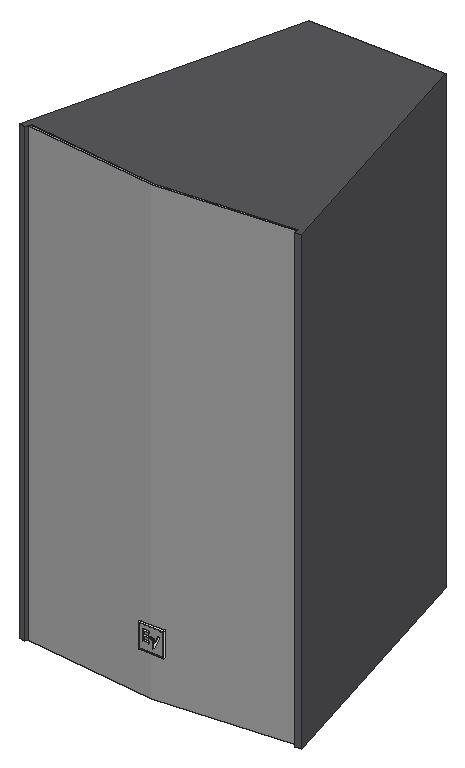
Revit family "EVF-1152D", category Communication Devices, Revit 2017 (continued)
Definition of nested family "InputPanelV"
  Lines and regions (mm)
    model lines, not visible
      curve 198: line (59.909, -9.5, 77.527) -> (59.748, -9.5, 76.539)
      curve 199: line (59.748, -9.5, 76.539) -> (59.909, -9.5, 75.551)
      curve 200: line (59.909, -9.5, 75.551) -> (60.368, -9.5, 74.713)
      curve 201: line (60.368, -9.5, 74.713) -> (61.054, -9.5, 74.153)
      curve 202: line (61.054, -9.5, 74.153) -> (61.864, -9.5, 73.957)
      curve 203: line (61.864, -9.5, 73.957) -> (62.673, -9.5, 74.153)
      curve 204: line (62.673, -9.5, 74.153) -> (63.359, -9.5, 74.713)
      curve 205: line (63.359, -9.5, 74.713) -> (63.814, -9.5, 75.544)
      curve 206: line (63.818, -9.5, 75.551) -> (64.101, -9.5, 76.539)
      curve 207: line (64.101, -9.5, 76.539) -> (64.793, -9.5, 76.539)
      curve 208: line (64.793, -9.5, 76.539) -> (66.91, -9.5, 76.54)
      curve 209: line (66.91, -9.5, 76.54) -> (66.91, -9.5, 70.344)
      curve 210: line (61.049, -9.5, 85.998) -> (60.837, -9.5, 85.998)
      curve 211: line (60.837, -9.5, 85.998) -> (60.837, -9.5, 85.655)
      curve 212: line (60.916, -9.5, 85.517) -> (61.049, -9.5, 85.391)
      curve 213: line (61.049, -9.5, 85.391) -> (61.049, -9.5, 85.998)
      curve 214: line (61.049, -9.5, 85.998) -> (62.676, -9.5, 85.999)
      curve 215: line (62.676, -9.5, 85.999) -> (62.676, -9.5, 85.392)
      curve 216: line (62.676, -9.5, 79.084) -> (62.676, -9.5, 80.299)
      curve 217: line (62.677, -9.5, 72.779) -> (62.677, -9.5, 73.994)
      curve 218: line (62.678, -9.5, 66.472) -> (62.678, -9.5, 67.687)
      curve 219: line (61.052, -9.5, 60.773) -> (60.84, -9.5, 60.773)
      curve 220: line (60.84, -9.5, 60.773) -> (60.84, -9.5, 61.139)
      curve 221: line (60.918, -9.5, 61.255) -> (61.052, -9.5, 61.381)
      curve 222: line (61.052, -9.5, 61.381) -> (61.052, -9.5, 60.773)
      curve 223: line (61.052, -9.5, 60.773) -> (62.679, -9.5, 60.773)
      curve 224: line (62.679, -9.5, 60.773) -> (62.679, -9.5, 61.381)
      curve 225: line (60.839, -9.5, 66.735) -> (60.842, -9.5, 67.413)
      curve 226: line (60.918, -9.5, 67.56) -> (61.051, -9.5, 67.686)
      curve 227: line (61.051, -9.5, 67.686) -> (61.051, -9.5, 66.471)
      curve 228: line (61.051, -9.5, 66.471) -> (60.918, -9.5, 66.598)
      curve 229: line (61.05, -9.5, 72.779) -> (61.05, -9.5, 73.994)
      curve 230: line (61.05, -9.5, 73.994) -> (60.917, -9.5, 73.867)
      curve 231: line (60.838, -9.5, 73.752) -> (60.838, -9.5, 73.043)
      curve 232: line (60.917, -9.5, 72.905) -> (61.05, -9.5, 72.779)
      curve 233: line (60.838, -9.5, 79.348) -> (60.841, -9.5, 80.026)
      curve 234: line (60.916, -9.5, 80.173) -> (61.049, -9.5, 80.299)
      curve 235: line (61.049, -9.5, 80.299) -> (61.049, -9.5, 79.084)
      curve 236: line (61.049, -9.5, 79.084) -> (60.916, -9.5, 79.21)
      curve 237: line (65.486, -9.5, 73.675) -> (63.369, -9.5, 73.675)
      curve 238: line (63.369, -9.5, 73.675) -> (63.369, -9.5, 73.098)
      curve 239: line (63.369, -9.5, 73.098) -> (65.486, -9.5, 73.099)
      curve 240: line (65.486, -9.5, 73.099) -> (65.486, -9.5, 73.675)
      curve 241: line (65.487, -9.5, 67.368) -> (65.487, -9.5, 66.791)
      curve 242: line (65.487, -9.5, 66.791) -> (63.37, -9.5, 66.791)
      curve 243: line (63.37, -9.5, 66.791) -> (63.369, -9.5, 67.367)
      curve 244: line (63.369, -9.5, 67.367) -> (65.487, -9.5, 67.368)
      curve 245: line (65.485, -9.5, 79.98) -> (65.485, -9.5, 79.404)
      curve 246: line (65.485, -9.5, 79.404) -> (63.368, -9.5, 79.404)
      curve 247: line (63.368, -9.5, 79.404) -> (63.368, -9.5, 79.98)
      curve 248: line (63.368, -9.5, 79.98) -> (65.485, -9.5, 79.98)
      curve 249: line (63.37, -9.5, 60.773) -> (65.488, -9.5, 60.774)
      curve 250: line (65.488, -9.5, 60.774) -> (65.488, -9.5, 61.062)
      curve 251: line (65.488, -9.5, 61.062) -> (63.37, -9.5, 61.062)
      curve 252: line (63.37, -9.5, 61.062) -> (63.37, -9.5, 60.773)
      curve 253: line (63.37, -9.5, 60.773) -> (62.679, -9.5, 60.773)
      curve 254: line (62.676, -9.5, 85.999) -> (63.367, -9.5, 85.999)
      curve 255: line (63.367, -9.5, 85.999) -> (63.367, -9.5, 85.711)
      curve 256: line (63.367, -9.5, 85.711) -> (65.485, -9.5, 85.711)
      curve 257: line (65.485, -9.5, 85.711) -> (65.485, -9.5, 85.999)
      curve 258: line (65.485, -9.5, 85.999) -> (63.367, -9.5, 85.999)
      curve 259: line (63.973, -9.5, 63.722) -> (62.18, -9.5, 65.91)
      curve 260: line (62.18, -9.5, 65.91) -> (62.671, -9.5, 66.243)
      curve 261: line (63.973, -9.5, 70.028) -> (62.179, -9.5, 72.217)
      curve 262: line (62.179, -9.5, 72.217) -> (62.67, -9.5, 72.549)
      curve 263: line (63.946, -9.5, 63.467) -> (62.347, -9.5, 65.419)
      curve 264: line (62.347, -9.5, 65.419) -> (61.777, -9.5, 65.419)
      curve 265: line (61.777, -9.5, 65.419) -> (63.815, -9.5, 62.932)
      curve 266: line (63.945, -9.5, 69.773) -> (62.346, -9.5, 71.725)
      curve 267: line (62.346, -9.5, 71.725) -> (61.777, -9.5, 71.725)
      curve 268: line (61.777, -9.5, 71.725) -> (63.815, -9.5, 69.238)
      curve 269: line (63.945, -9.5, 76.08) -> (62.345, -9.5, 78.032)
      curve 270: line (62.345, -9.5, 78.032) -> (61.776, -9.5, 78.031)
      curve 271: line (61.776, -9.5, 78.031) -> (63.814, -9.5, 75.544)
      curve 272: line (63.972, -9.5, 76.334) -> (62.178, -9.5, 78.523)
      curve 273: line (62.178, -9.5, 78.523) -> (62.669, -9.5, 78.856)
      curve 274: line (63.971, -9.5, 82.641) -> (62.178, -9.5, 84.829)
      curve 275: line (62.178, -9.5, 84.829) -> (62.669, -9.5, 85.162)
      curve 276: line (63.944, -9.5, 82.386) -> (62.345, -9.5, 84.338)
      curve 277: line (62.345, -9.5, 84.338) -> (61.775, -9.5, 84.338)
      curve 278: line (61.775, -9.5, 84.338) -> (63.813, -9.5, 81.851)
      curve 279: line (66.909, -9.5, 82.956) -> (66.908, -9.5, 85.999)
      curve 280: line (66.908, -9.5, 85.999) -> (72.332, -9.5, 86)
      curve 281: line (72.332, -9.5, 86) -> (72.335, -9.5, 60.774)
      curve 282: line (72.335, -9.5, 60.774) -> (66.911, -9.5, 60.774)
      curve 283: line (65.485, -9.5, 85.999) -> (66.908, -9.5, 85.999)
      curve 284: line (72.332, -9.5, 86) -> (72.658, -9.5, 86)
      curve 285: line (72.658, -9.5, 86) -> (72.661, -9.5, 60.775)
      curve 286: line (72.661, -9.5, 60.775) -> (72.335, -9.5, 60.774)
      curve 287: line (72.335, -9.5, 60.774) -> (72.464, -9.5, 60.647)
      curve 288: line (72.464, -9.5, 60.647) -> (72.586, -9.5, 60.47)
      curve 289: line (73.116, -9.5, 67.379) -> (73.115, -9.5, 72.891)
      curve 290: line (73.115, -9.5, 72.891) -> (77.33, -9.5, 72.891)
      curve 291: line (77.33, -9.5, 72.891) -> (77.331, -9.5, 67.379)
      curve 292: line (77.331, -9.5, 67.379) -> (73.116, -9.5, 67.379)
      curve 293: line (77.331, -9.5, 66.783) -> (77.332, -9.5, 61.272)
      curve 294: line (77.332, -9.5, 61.272) -> (73.116, -9.5, 61.271)
      curve 295: line (73.116, -9.5, 61.271) -> (73.116, -9.5, 66.783)
      curve 296: line (73.116, -9.5, 66.783) -> (77.331, -9.5, 66.783)
      curve 297: line (72.661, -9.5, 60.775) -> (77.787, -9.5, 60.775)
      curve 298: line (77.787, -9.5, 60.775) -> (77.784, -9.5, 86)
      curve 299: line (77.784, -9.5, 86) -> (72.658, -9.5, 86)
      curve 300: line (73.114, -9.5, 79.991) -> (73.113, -9.5, 85.503)
      curve 301: line (73.113, -9.5, 85.503) -> (77.329, -9.5, 85.504)
      curve 302: line (77.329, -9.5, 85.504) -> (77.329, -9.5, 79.992)
      curve 303: line (77.329, -9.5, 79.992) -> (73.114, -9.5, 79.991)
      curve 304: line (77.329, -9.5, 79.396) -> (77.33, -9.5, 73.884)
      curve 305: line (77.33, -9.5, 73.884) -> (73.115, -9.5, 73.884)
      curve 306: line (73.115, -9.5, 73.884) -> (73.114, -9.5, 79.396)
      curve 307: line (73.114, -9.5, 79.396) -> (77.329, -9.5, 79.396)
      curve 308: line (73.114, -9.5, 81.158) -> (74.522, -9.5, 81.159)
      curve 309: line (74.522, -9.5, 81.159) -> (74.848, -9.5, 80.47)
      curve 310: line (74.848, -9.5, 80.47) -> (75.233, -9.5, 79.992)
      curve 311: line (73.116, -9.5, 68.546) -> (74.524, -9.5, 68.546)
      curve 312: line (74.524, -9.5, 68.546) -> (74.849, -9.5, 67.858)
      curve 313: line (74.849, -9.5, 67.858) -> (75.235, -9.5, 67.379)
      curve 314: line (73.114, -9.5, 78.229) -> (74.523, -9.5, 78.229)
      curve 315: line (74.523, -9.5, 78.229) -> (74.848, -9.5, 78.917)
      curve 316: line (74.848, -9.5, 78.917) -> (75.233, -9.5, 79.396)
      curve 317: line (73.116, -9.5, 65.616) -> (74.524, -9.5, 65.616)
      curve 318: line (74.524, -9.5, 65.616) -> (74.85, -9.5, 66.304)
      curve 319: line (74.85, -9.5, 66.304) -> (75.235, -9.5, 66.783)
      curve 320: line (73.116, -9.5, 62.239) -> (74.525, -9.5, 62.24)
      curve 321: line (74.525, -9.5, 62.24) -> (74.85, -9.5, 61.552)
      curve 322: line (74.85, -9.5, 61.552) -> (75.076, -9.5, 61.271)
      curve 323: line (73.115, -9.5, 74.852) -> (74.523, -9.5, 74.852)
      curve 324: line (74.523, -9.5, 74.852) -> (74.849, -9.5, 74.164)
      curve 325: line (74.849, -9.5, 74.164) -> (75.074, -9.5, 73.884)
      curve 326: line (73.115, -9.5, 71.922) -> (74.524, -9.5, 71.923)
      curve 327: line (74.524, -9.5, 71.923) -> (74.849, -9.5, 72.611)
      curve 328: line (75.074, -9.5, 72.891) -> (74.849, -9.5, 72.611)
      curve 329: line (74.849, -9.5, 72.611) -> (74.849, -9.5, 67.858)
      curve 330: line (73.114, -9.5, 84.535) -> (74.522, -9.5, 84.535)
      curve 331: line (74.522, -9.5, 84.535) -> (74.847, -9.5, 85.223)
      curve 332: line (74.847, -9.5, 85.223) -> (74.848, -9.5, 80.47)
      curve 333: line (75.073, -9.5, 85.503) -> (74.847, -9.5, 85.223)
      curve 334: line (74.524, -9.5, 65.616) -> (74.525, -9.5, 62.24)
      curve 335: line (74.523, -9.5, 78.229) -> (74.523, -9.5, 74.852)
      curve 336: line (74.524, -9.5, 68.546) -> (74.524, -9.5, 71.923)
      curve 337: line (74.522, -9.5, 81.159) -> (74.522, -9.5, 84.535)
      curve 338: line (72.586, -9.5, 60.208) -> (75.719, -9.5, 60.209)
      curve 339: line (75.719, -9.5, 60.209) -> (75.719, -9.5, 60.47)
      curve 340: line (75.719, -9.5, 60.47) -> (72.586, -9.5, 60.47)
      curve 341: line (72.586, -9.5, 60.47) -> (72.586, -9.5, 60.208)
      curve 342: line (72.586, -9.5, 60.208) -> (72.005, -9.5, 60.208)
      curve 343: line (72.005, -9.5, 60.208) -> (72.005, -9.5, 60.47)
      curve 344: line (72.005, -9.5, 60.47) -> (72.127, -9.5, 60.774)
      curve 345: line (72.464, -9.5, 60.647) -> (75.597, -9.5, 60.647)
      curve 346: line (75.597, -9.5, 60.647) -> (75.719, -9.5, 60.47)
      curve 347: line (76.233, -9.5, 66.783) -> (76.233, -9.5, 61.272)
      curve 348: line (76.231, -9.5, 79.396) -> (76.232, -9.5, 73.884)
      curve 349: line (76.232, -9.5, 72.891) -> (76.233, -9.5, 67.379)
      curve 350: line (76.23, -9.5, 85.504) -> (76.231, -9.5, 79.992)
      curve 351: line (74.85, -9.5, 66.304) -> (74.85, -9.5, 61.552)
      curve 352: line (74.848, -9.5, 78.917) -> (74.849, -9.5, 74.164)
      curve 353: line (65.589, -9.5, 60.469) -> (65.589, -9.5, 60.208)
      curve 354: line (65.589, -9.5, 60.208) -> (65.009, -9.5, 60.207)
      curve 355: line (65.009, -9.5, 60.207) -> (65.009, -9.5, 60.469)
      curve 356: line (65.009, -9.5, 60.469) -> (65.131, -9.5, 60.646)
      curve 357: line (65.589, -9.5, 60.208) -> (68.722, -9.5, 60.208)
      curve 358: line (68.722, -9.5, 60.208) -> (68.722, -9.5, 60.469)
      curve 359: line (54.498, -9.5, 76.538) -> (54.659, -9.5, 75.55)
      curve 360: line (54.659, -9.5, 75.55) -> (55.117, -9.5, 74.712)
      curve 361: line (55.117, -9.5, 74.712) -> (55.804, -9.5, 74.153)
      curve 362: line (55.804, -9.5, 74.153) -> (56.613, -9.5, 73.956)
      curve 363: line (56.613, -9.5, 73.956) -> (57.422, -9.5, 74.153)
      curve 364: line (57.422, -9.5, 74.153) -> (58.109, -9.5, 74.713)
      curve 365: line (58.109, -9.5, 74.713) -> (58.567, -9.5, 75.55)
      curve 366: line (58.567, -9.5, 75.55) -> (58.728, -9.5, 76.539)
      curve 367: line (58.728, -9.5, 76.539) -> (58.567, -9.5, 77.527)
      curve 368: line (58.567, -9.5, 77.527) -> (58.108, -9.5, 78.364)
      curve 369: line (58.108, -9.5, 78.364) -> (57.422, -9.5, 78.924)
      curve 370: line (57.422, -9.5, 78.924) -> (56.612, -9.5, 79.12)
      curve 371: line (56.612, -9.5, 79.12) -> (55.803, -9.5, 78.924)
      curve 372: line (55.803, -9.5, 78.924) -> (55.117, -9.5, 78.364)
      curve 373: line (55.117, -9.5, 78.364) -> (54.662, -9.5, 77.533)
      curve 374: line (54.659, -9.5, 77.526) -> (54.374, -9.5, 76.538)
      curve 375: line (54.374, -9.5, 76.538) -> (53.682, -9.5, 76.538)
      curve 376: line (53.682, -9.5, 76.538) -> (51.565, -9.5, 76.538)
      curve 377: line (51.565, -9.5, 76.538) -> (51.566, -9.5, 82.763)
      curve 378: line (54.499, -9.5, 63.925) -> (54.66, -9.5, 62.937)
      curve 379: line (54.66, -9.5, 62.937) -> (55.119, -9.5, 62.1)
      curve 380: line (55.119, -9.5, 62.1) -> (55.805, -9.5, 61.54)
      curve 381: line (55.805, -9.5, 61.54) -> (56.615, -9.5, 61.344)
      curve 382: line (56.615, -9.5, 61.344) -> (57.424, -9.5, 61.54)
      curve 383: line (57.424, -9.5, 61.54) -> (58.11, -9.5, 62.1)
      curve 384: line (58.11, -9.5, 62.1) -> (58.569, -9.5, 62.938)
      curve 385: line (58.569, -9.5, 62.938) -> (58.729, -9.5, 63.926)
      curve 386: line (58.729, -9.5, 63.926) -> (58.568, -9.5, 64.914)
      curve 387: line (58.568, -9.5, 64.914) -> (58.11, -9.5, 65.752)
      curve 388: line (58.11, -9.5, 65.752) -> (57.423, -9.5, 66.311)
      curve 389: line (57.423, -9.5, 66.311) -> (56.614, -9.5, 66.508)
      curve 390: line (56.614, -9.5, 66.508) -> (55.805, -9.5, 66.311)
      curve 391: line (55.805, -9.5, 66.311) -> (55.118, -9.5, 65.751)
      curve 392: line (55.118, -9.5, 65.751) -> (54.664, -9.5, 64.92)
      curve 393: line (54.66, -9.5, 64.914) -> (54.376, -9.5, 63.925)
      curve 394: line (54.376, -9.5, 63.925) -> (53.684, -9.5, 63.925)
      curve 395: line (53.684, -9.5, 63.925) -> (51.566, -9.5, 63.925)
      curve 396: line (51.566, -9.5, 63.925) -> (51.567, -9.5, 70.15)
      curve 397: line (54.497, -9.5, 82.844) -> (54.658, -9.5, 81.856)
      curve 398: line (54.658, -9.5, 81.856) -> (55.117, -9.5, 81.019)
      curve 399: line (55.117, -9.5, 81.019) -> (55.803, -9.5, 80.459)
      curve 400: line (55.803, -9.5, 80.459) -> (56.612, -9.5, 80.263)
      curve 401: line (56.612, -9.5, 80.263) -> (57.422, -9.5, 80.459)
      curve 402: line (57.422, -9.5, 80.459) -> (58.108, -9.5, 81.019)
      curve 403: line (58.108, -9.5, 81.019) -> (58.566, -9.5, 81.857)
      curve 404: line (58.566, -9.5, 81.857) -> (58.727, -9.5, 82.845)
      curve 405: line (58.727, -9.5, 82.845) -> (58.566, -9.5, 83.833)
      curve 406: line (58.566, -9.5, 83.833) -> (58.107, -9.5, 84.671)
      curve 407: line (58.107, -9.5, 84.671) -> (57.421, -9.5, 85.23)
      curve 408: line (57.421, -9.5, 85.23) -> (56.612, -9.5, 85.427)
      curve 409: line (56.612, -9.5, 85.427) -> (55.802, -9.5, 85.23)
      curve 410: line (55.802, -9.5, 85.23) -> (55.116, -9.5, 84.67)
      curve 411: line (55.116, -9.5, 84.67) -> (54.661, -9.5, 83.839)
      curve 412: line (54.658, -9.5, 83.833) -> (54.374, -9.5, 82.844)
      curve 413: line (54.374, -9.5, 82.844) -> (53.682, -9.5, 82.844)
      curve 414: line (53.682, -9.5, 82.844) -> (51.565, -9.5, 82.844)
      curve 415: line (51.565, -9.5, 82.844) -> (51.565, -9.5, 85.997)
      curve 416: line (54.498, -9.5, 70.232) -> (54.66, -9.5, 69.244)
      curve 417: line (54.66, -9.5, 69.244) -> (55.118, -9.5, 68.406)
      curve 418: line (55.118, -9.5, 68.406) -> (55.804, -9.5, 67.846)
      curve 419: line (55.804, -9.5, 67.846) -> (56.614, -9.5, 67.65)
      curve 420: line (56.614, -9.5, 67.65) -> (57.423, -9.5, 67.847)
      curve 421: line (57.423, -9.5, 67.847) -> (58.109, -9.5, 68.406)
      curve 422: line (58.109, -9.5, 68.406) -> (58.568, -9.5, 69.244)
      curve 423: line (58.568, -9.5, 69.244) -> (58.729, -9.5, 70.232)
      curve 424: line (58.729, -9.5, 70.232) -> (58.568, -9.5, 71.22)
      curve 425: line (58.568, -9.5, 71.22) -> (58.109, -9.5, 72.058)
      curve 426: line (58.109, -9.5, 72.058) -> (57.423, -9.5, 72.618)
      curve 427: line (57.423, -9.5, 72.618) -> (56.613, -9.5, 72.814)
      curve 428: line (56.613, -9.5, 72.814) -> (55.804, -9.5, 72.617)
      curve 429: line (55.804, -9.5, 72.617) -> (55.118, -9.5, 72.058)
      curve 430: line (55.118, -9.5, 72.058) -> (54.663, -9.5, 71.227)
      curve 431: line (54.659, -9.5, 71.22) -> (54.376, -9.5, 70.232)
      curve 432: line (54.376, -9.5, 70.232) -> (53.684, -9.5, 70.232)
      curve 433: line (53.684, -9.5, 70.232) -> (51.566, -9.5, 70.231)
      curve 434: line (51.566, -9.5, 70.231) -> (51.567, -9.5, 76.427)
      curve 435: line (57.428, -9.5, 60.773) -> (57.64, -9.5, 60.773)
      curve 436: line (57.64, -9.5, 60.773) -> (57.64, -9.5, 61.116)
      curve 437: line (57.561, -9.5, 61.254) -> (57.428, -9.5, 61.38)
      curve 438: line (57.428, -9.5, 61.38) -> (57.428, -9.5, 60.773)
      curve 439: line (57.428, -9.5, 60.773) -> (55.801, -9.5, 60.772)
      curve 440: line (55.801, -9.5, 60.772) -> (55.801, -9.5, 61.379)
      curve 441: line (55.8, -9.5, 67.687) -> (55.8, -9.5, 66.472)
      curve 442: line (55.8, -9.5, 73.992) -> (55.8, -9.5, 72.777)
      curve 443: line (55.799, -9.5, 80.299) -> (55.799, -9.5, 79.084)
      curve 444: line (57.425, -9.5, 85.998) -> (57.637, -9.5, 85.998)
      curve 445: line (57.637, -9.5, 85.998) -> (57.637, -9.5, 85.632)
      curve 446: line (57.558, -9.5, 85.516) -> (57.425, -9.5, 85.39)
      curve 447: line (57.425, -9.5, 85.39) -> (57.425, -9.5, 85.998)
      curve 448: line (57.425, -9.5, 85.998) -> (55.798, -9.5, 85.998)
      curve 449: line (55.798, -9.5, 85.998) -> (55.798, -9.5, 85.39)
      curve 450: line (57.638, -9.5, 80.036) -> (57.634, -9.5, 79.358)
      curve 451: line (57.559, -9.5, 79.211) -> (57.426, -9.5, 79.085)
      curve 452: line (57.426, -9.5, 79.085) -> (57.426, -9.5, 80.3)
      curve 453: line (57.426, -9.5, 80.3) -> (57.559, -9.5, 80.173)
      curve 454: line (57.427, -9.5, 73.992) -> (57.427, -9.5, 72.777)
      curve 455: line (57.427, -9.5, 72.777) -> (57.56, -9.5, 72.903)
      curve 456: line (57.638, -9.5, 73.019) -> (57.638, -9.5, 73.728)
      curve 457: line (57.56, -9.5, 73.866) -> (57.427, -9.5, 73.992)
      curve 458: line (57.639, -9.5, 67.423) -> (57.636, -9.5, 66.745)
      curve 459: line (57.561, -9.5, 66.598) -> (57.428, -9.5, 66.472)
      curve 460: line (57.428, -9.5, 66.472) -> (57.427, -9.5, 67.687)
      curve 461: line (57.427, -9.5, 67.687) -> (57.561, -9.5, 67.561)
      curve 462: line (52.991, -9.5, 73.096) -> (55.108, -9.5, 73.096)
      curve 463: line (55.108, -9.5, 73.096) -> (55.108, -9.5, 73.673)
      curve 464: line (55.108, -9.5, 73.673) -> (52.991, -9.5, 73.672)
      curve 465: line (52.991, -9.5, 73.672) -> (52.991, -9.5, 73.096)
      curve 466: line (52.99, -9.5, 79.403) -> (52.99, -9.5, 79.98)
      curve 467: line (52.99, -9.5, 79.98) -> (55.107, -9.5, 79.98)
      curve 468: line (55.107, -9.5, 79.98) -> (55.107, -9.5, 79.404)
      curve 469: line (55.107, -9.5, 79.404) -> (52.99, -9.5, 79.403)
      curve 470: line (52.991, -9.5, 66.791) -> (52.991, -9.5, 67.367)
      curve 471: line (52.991, -9.5, 67.367) -> (55.109, -9.5, 67.367)
      curve 472: line (55.109, -9.5, 67.367) -> (55.109, -9.5, 66.791)
      curve 473: line (55.109, -9.5, 66.791) -> (52.991, -9.5, 66.791)
      curve 474: line (55.107, -9.5, 85.998) -> (52.989, -9.5, 85.997)
      curve 475: line (52.989, -9.5, 85.997) -> (52.989, -9.5, 85.709)
      curve 476: line (52.989, -9.5, 85.709) -> (55.107, -9.5, 85.709)
      curve 477: line (55.107, -9.5, 85.709) -> (55.107, -9.5, 85.998)
      curve 478: line (55.107, -9.5, 85.998) -> (55.798, -9.5, 85.998)
      curve 479: line (55.801, -9.5, 60.772) -> (55.11, -9.5, 60.772)
      curve 480: line (55.11, -9.5, 60.772) -> (55.11, -9.5, 61.06)
      curve 481: line (55.11, -9.5, 61.06) -> (52.992, -9.5, 61.06)
      curve 482: line (52.992, -9.5, 61.06) -> (52.992, -9.5, 60.772)
      curve 483: line (52.992, -9.5, 60.772) -> (55.11, -9.5, 60.772)
      curve 484: line (54.504, -9.5, 76.743) -> (56.298, -9.5, 74.554)
      curve 485: line (56.298, -9.5, 74.554) -> (55.807, -9.5, 74.222)
      curve 486: line (54.503, -9.5, 83.049) -> (56.297, -9.5, 80.86)
      curve 487: line (56.297, -9.5, 80.86) -> (55.806, -9.5, 80.528)
      curve 488: line (54.531, -9.5, 76.998) -> (56.131, -9.5, 75.046)
      curve 489: line (56.131, -9.5, 75.046) -> (56.7, -9.5, 75.046)
      curve 490: line (56.7, -9.5, 75.046) -> (54.662, -9.5, 77.533)
      curve 491: line (54.531, -9.5, 83.304) -> (56.13, -9.5, 81.352)
      curve 492: line (56.13, -9.5, 81.352) -> (56.699, -9.5, 81.352)
      curve 493: line (56.699, -9.5, 81.352) -> (54.661, -9.5, 83.839)
      curve 494: line (54.505, -9.5, 70.437) -> (56.298, -9.5, 68.248)
      curve 495: line (56.298, -9.5, 68.248) -> (55.807, -9.5, 67.915)
      curve 496: line (54.506, -9.5, 64.13) -> (56.299, -9.5, 61.942)
      curve 497: line (56.299, -9.5, 61.942) -> (55.808, -9.5, 61.609)
      curve 498: line (54.533, -9.5, 64.385) -> (56.132, -9.5, 62.433)
      curve 499: line (56.132, -9.5, 62.433) -> (56.702, -9.5, 62.433)
      curve 500: line (56.702, -9.5, 62.433) -> (54.664, -9.5, 64.92)
      curve 501: line (54.532, -9.5, 70.691) -> (56.131, -9.5, 68.739)
      curve 502: line (56.131, -9.5, 68.739) -> (56.701, -9.5, 68.739)
      curve 503: line (56.701, -9.5, 68.739) -> (54.663, -9.5, 71.227)
      curve 504: line (51.568, -9.5, 63.815) -> (51.568, -9.5, 60.772)
      curve 505: line (51.568, -9.5, 60.772) -> (46.145, -9.5, 60.771)
      curve 506: line (46.145, -9.5, 60.771) -> (46.141, -9.5, 85.996)
      curve 507: line (46.141, -9.5, 85.996) -> (51.565, -9.5, 85.997)
      curve 508: line (51.565, -9.5, 85.997) -> (52.989, -9.5, 85.997)
      curve 509: line (52.989, -9.5, 85.997) -> (49.876, -9.5, 86.125)
      curve 510: line (49.876, -9.5, 86.125) -> (49.754, -9.5, 86.302)
      curve 511: line (52.992, -9.5, 60.772) -> (51.568, -9.5, 60.772)
      curve 512: line (45.361, -9.5, 79.392) -> (45.362, -9.5, 73.88)
      curve 513: line (45.362, -9.5, 73.88) -> (41.147, -9.5, 73.88)
      curve 514: line (41.147, -9.5, 73.88) -> (41.146, -9.5, 79.392)
      curve 515: line (41.146, -9.5, 79.392) -> (45.361, -9.5, 79.392)
      curve 516: line (41.146, -9.5, 79.988) -> (41.145, -9.5, 85.499)
      curve 517: line (41.145, -9.5, 85.499) -> (45.36, -9.5, 85.5)
      curve 518: line (45.36, -9.5, 85.5) -> (45.361, -9.5, 79.988)
      curve 519: line (45.361, -9.5, 79.988) -> (41.146, -9.5, 79.988)
      curve 520: line (45.819, -9.5, 60.771) -> (45.816, -9.5, 85.996)
      curve 521: line (45.816, -9.5, 85.996) -> (40.689, -9.5, 85.996)
      curve 522: line (40.689, -9.5, 85.996) -> (40.692, -9.5, 60.771)
      curve 523: line (40.692, -9.5, 60.771) -> (45.819, -9.5, 60.771)
      curve 524: line (45.819, -9.5, 60.771) -> (46.145, -9.5, 60.771)
      curve 525: line (45.363, -9.5, 66.78) -> (45.363, -9.5, 61.268)
      curve 526: line (45.363, -9.5, 61.268) -> (41.148, -9.5, 61.267)
      curve 527: line (41.148, -9.5, 61.267) -> (41.147, -9.5, 66.779)
      curve 528: line (41.147, -9.5, 66.779) -> (45.363, -9.5, 66.78)
      curve 529: line (41.147, -9.5, 67.375) -> (41.147, -9.5, 72.887)
      curve 530: line (41.147, -9.5, 72.887) -> (45.362, -9.5, 72.887)
      curve 531: line (45.362, -9.5, 72.887) -> (45.363, -9.5, 67.375)
      curve 532: line (45.363, -9.5, 67.375) -> (41.147, -9.5, 67.375)
      curve 533: line (45.816, -9.5, 85.996) -> (46.141, -9.5, 85.996)
      curve 534: line (46.141, -9.5, 85.996) -> (42.88, -9.5, 86.124)
      curve 535: line (42.88, -9.5, 86.124) -> (42.758, -9.5, 86.301)
      curve 536: line (42.758, -9.5, 86.301) -> (45.891, -9.5, 86.301)
      curve 537: line (45.891, -9.5, 86.301) -> (46.013, -9.5, 86.124)
      curve 538: line (45.361, -9.5, 78.225) -> (43.953, -9.5, 78.225)
      curve 539: line (43.953, -9.5, 78.225) -> (43.627, -9.5, 78.913)
      curve 540: line (43.627, -9.5, 78.913) -> (43.242, -9.5, 79.392)
      curve 541: line (45.363, -9.5, 65.613) -> (43.954, -9.5, 65.612)
      curve 542: line (43.954, -9.5, 65.612) -> (43.629, -9.5, 66.3)
      curve 543: line (43.629, -9.5, 66.3) -> (43.244, -9.5, 66.779)
      curve 544: line (45.362, -9.5, 68.542) -> (43.954, -9.5, 68.542)
      curve 545: line (43.954, -9.5, 68.542) -> (43.629, -9.5, 67.854)
      curve 546: line (43.629, -9.5, 67.854) -> (43.244, -9.5, 67.375)
      curve 547: line (45.361, -9.5, 81.155) -> (43.952, -9.5, 81.155)
      curve 548: line (43.952, -9.5, 81.155) -> (43.627, -9.5, 80.467)
      curve 549: line (43.627, -9.5, 80.467) -> (43.242, -9.5, 79.988)
      curve 550: line (45.362, -9.5, 71.919) -> (43.954, -9.5, 71.919)
      curve 551: line (43.954, -9.5, 71.919) -> (43.628, -9.5, 72.607)
      curve 552: line (43.628, -9.5, 72.607) -> (43.403, -9.5, 72.887)
      curve 553: line (45.361, -9.5, 84.532) -> (43.952, -9.5, 84.531)
      curve 554: line (43.952, -9.5, 84.531) -> (43.627, -9.5, 85.219)
      curve 555: line (43.627, -9.5, 85.219) -> (43.401, -9.5, 85.5)
      curve 556: line (45.362, -9.5, 74.849) -> (43.953, -9.5, 74.848)
      curve 557: line (43.953, -9.5, 74.848) -> (43.628, -9.5, 74.16)
      curve 558: line (43.403, -9.5, 73.88) -> (43.628, -9.5, 74.16)
      curve 559: line (43.628, -9.5, 74.16) -> (43.627, -9.5, 78.913)
      curve 560: line (45.363, -9.5, 62.236) -> (43.955, -9.5, 62.236)
      curve 561: line (43.955, -9.5, 62.236) -> (43.629, -9.5, 61.548)
      curve 562: line (43.629, -9.5, 61.548) -> (43.629, -9.5, 66.3)
      curve 563: line (43.404, -9.5, 61.267) -> (43.629, -9.5, 61.548)
      curve 564: line (43.954, -9.5, 68.542) -> (43.954, -9.5, 71.919)
      curve 565: line (43.952, -9.5, 81.155) -> (43.952, -9.5, 84.531)
      curve 566: line (43.954, -9.5, 65.612) -> (43.955, -9.5, 62.236)
      curve 567: line (43.953, -9.5, 78.225) -> (43.953, -9.5, 74.848)
      curve 568: line (45.891, -9.5, 86.301) -> (45.891, -9.5, 86.563)
      curve 569: line (45.891, -9.5, 86.563) -> (42.758, -9.5, 86.562)
      curve 570: line (42.758, -9.5, 86.562) -> (42.758, -9.5, 86.301)
      curve 571: line (45.891, -9.5, 86.563) -> (46.472, -9.5, 86.563)
      curve 572: line (46.472, -9.5, 86.563) -> (46.472, -9.5, 86.301)
      curve 573: line (46.472, -9.5, 86.301) -> (46.35, -9.5, 86.124)
      curve 574: line (42.244, -9.5, 79.988) -> (42.243, -9.5, 85.499)
      curve 575: line (42.246, -9.5, 67.375) -> (42.245, -9.5, 72.887)
      curve 576: line (42.246, -9.5, 61.267) -> (42.246, -9.5, 66.779)
      curve 577: line (42.245, -9.5, 73.88) -> (42.244, -9.5, 79.392)
      curve 578: line (43.629, -9.5, 67.854) -> (43.628, -9.5, 72.607)
      curve 579: line (43.627, -9.5, 80.467) -> (43.627, -9.5, 85.219)
      curve 580: line (52.887, -9.5, 86.302) -> (53.009, -9.5, 86.125)
      curve 581: line (52.887, -9.5, 86.563) -> (52.887, -9.5, 86.302)
      curve 582: line (52.887, -9.5, 86.302) -> (49.754, -9.5, 86.302)
      curve 583: line (49.754, -9.5, 86.302) -> (49.754, -9.5, 86.563)
      curve 584: line (49.754, -9.5, 86.563) -> (52.887, -9.5, 86.563)
      curve 585: line (52.887, -9.5, 86.563) -> (53.468, -9.5, 86.563)
      curve 586: line (53.468, -9.5, 86.563) -> (53.468, -9.5, 86.302)
      curve 587: line (53.468, -9.5, 86.302) -> (53.346, -9.5, 86.125)
      curve 588: line (78.97, -9.5, 60.972) -> (78.967, -9.5, 85.803)
      curve 589: line (78.912, -9.5, 85.748) -> (78.915, -9.5, 61.027)
      curve 590: line (77.958, -9.5, 86.812) -> (40.515, -9.5, 86.808)
      curve 591: line (40.57, -9.5, 86.753) -> (77.903, -9.5, 86.757)
      curve 592: line (39.506, -9.5, 85.799) -> (39.509, -9.5, 60.968)
      curve 593: line (39.509, -9.5, 60.97) -> (39.561, -9.5, 85.744)
      curve 594: line (40.518, -9.5, 59.959) -> (77.962, -9.5, 59.963)
      curve 595: line (77.907, -9.5, 60.018) -> (40.573, -9.5, 60.014)
      curve 596: line (61.368, -9.5, 70.233) -> (59.749, -9.5, 70.232)
      curve 597: line (59.749, -9.5, 70.232) -> (59.415, -9.5, 70.232)
      curve 598: line (61.369, -9.5, 63.926) -> (59.75, -9.5, 63.926)
      curve 599: line (59.75, -9.5, 63.926) -> (59.417, -9.5, 63.926)
      curve 600: line (61.367, -9.5, 76.539) -> (59.748, -9.5, 76.539)
      curve 601: line (59.748, -9.5, 76.539) -> (59.415, -9.5, 76.539)
      curve 602: line (61.367, -9.5, 82.845) -> (59.747, -9.5, 82.845)
      curve 603: line (59.747, -9.5, 82.845) -> (59.414, -9.5, 82.845)
      curve 604: line (57.109, -9.5, 76.538) -> (58.728, -9.5, 76.539)
      curve 605: line (58.728, -9.5, 76.539) -> (59.062, -9.5, 76.539)
      curve 606: line (57.108, -9.5, 82.845) -> (58.727, -9.5, 82.845)
      curve 607: line (58.727, -9.5, 82.845) -> (59.06, -9.5, 82.845)
      curve 608: line (57.109, -9.5, 70.232) -> (58.729, -9.5, 70.232)
      curve 609: line (58.729, -9.5, 70.232) -> (59.062, -9.5, 70.232)
      curve 610: line (57.11, -9.5, 63.926) -> (58.729, -9.5, 63.926)
      curve 611: line (58.729, -9.5, 63.926) -> (59.063, -9.5, 63.926)
    model lines
      curve 612: arc (9.156, -4.337, 86.891) -> (7.56, -4.337, 86.55) -> (6.356, -4.337, 85.448) r 3.109
      curve 613: arc (21.769, -4.337, 86.892) -> (20.172, -4.337, 86.552) -> (18.969, -4.337, 85.449) r 3.109
      curve 614: arc (2.85, -4.337, 86.889) -> (1.264, -4.337, 86.554) -> (0.063, -4.337, 85.466) r 3.108
      curve 615: arc (15.462, -4.337, 86.891) -> (13.877, -4.337, 86.556) -> (12.676, -4.337, 85.468) r 3.108
      curve 616: arc (11.869, -4.337, 85.595) -> (10.676, -4.337, 86.586) -> (9.156, -4.337, 86.892) r 3.166
      curve 617: arc (24.481, -4.337, 85.596) -> (23.289, -4.337, 86.588) -> (21.769, -4.337, 86.894) r 3.166
      curve 618: arc (5.561, -4.337, 85.594) -> (4.369, -4.337, 86.585) -> (2.85, -4.337, 86.891) r 3.165
      curve 619: arc (18.174, -4.337, 85.596) -> (16.982, -4.337, 86.586) -> (15.462, -4.337, 86.892) r 3.165
      curve 620: arc (15.462, -4.337, 87.244) -> (17.059, -4.337, 87.585) -> (18.263, -4.337, 88.687) r 3.109
      curve 621: arc (2.85, -4.337, 87.243) -> (4.446, -4.337, 87.583) -> (5.65, -4.337, 88.686) r 3.109
      curve 622: arc (21.769, -4.337, 87.246) -> (23.354, -4.337, 87.581) -> (24.556, -4.337, 88.669) r 3.108
      curve 623: arc (9.156, -4.337, 87.244) -> (10.742, -4.337, 87.58) -> (11.943, -4.337, 88.668) r 3.108
      curve 624: arc (12.75, -4.337, 88.541) -> (13.942, -4.337, 87.549) -> (15.462, -4.337, 87.243) r 3.166
      curve 625: arc (0.137, -4.337, 88.539) -> (1.33, -4.337, 87.548) -> (2.85, -4.337, 87.241) r 3.166
      curve 626: arc (19.058, -4.337, 88.541) -> (20.249, -4.337, 87.55) -> (21.769, -4.337, 87.244) r 3.165
      curve 627: arc (6.445, -4.337, 88.539) -> (7.637, -4.337, 87.549) -> (9.156, -4.337, 87.243) r 3.165
      curve 628: arc (6.61, -4.337, 83.628) -> (7.681, -4.337, 82.554) -> (9.157, -4.337, 82.203) r 2.775
      curve 629: arc (6.291, -4.337, 82.936) -> (7.544, -4.337, 81.862) -> (9.157, -4.337, 81.512) r 3.371
      curve 630: arc (6.61, -4.337, 83.628) -> (6.398, -4.337, 83.307) -> (6.291, -4.337, 82.936) r 1.273
      curve 631: arc (19.223, -4.337, 83.63) -> (20.294, -4.337, 82.556) -> (21.769, -4.337, 82.205) r 2.775
      curve 632: arc (18.904, -4.337, 82.938) -> (20.157, -4.337, 81.864) -> (21.769, -4.337, 81.513) r 3.371
      curve 633: arc (19.223, -4.337, 83.63) -> (19.011, -4.337, 83.308) -> (18.904, -4.337, 82.938) r 1.273
      curve 634: arc (0.305, -4.337, 83.627) -> (1.376, -4.337, 82.554) -> (2.85, -4.337, 82.203) r 2.774
      curve 635: arc (-0.014, -4.337, 82.936) -> (1.238, -4.337, 81.862) -> (2.851, -4.337, 81.512) r 3.37
      curve 636: arc (0.305, -4.337, 83.627) -> (0.093, -4.337, 83.306) -> (-0.014, -4.337, 82.936) r 1.273
      curve 637: arc (12.918, -4.337, 83.629) -> (13.988, -4.337, 82.555) -> (15.463, -4.337, 82.205) r 2.774
      curve 638: arc (12.599, -4.337, 82.937) -> (13.851, -4.337, 81.864) -> (15.463, -4.337, 81.513) r 3.37
      curve 639: arc (12.918, -4.337, 83.629) -> (12.705, -4.337, 83.307) -> (12.599, -4.337, 82.937) r 1.273
      curve 640: arc (9.157, -4.337, 82.203) -> (10.632, -4.337, 82.554) -> (11.703, -4.337, 83.629) r 2.775
      curve 641: arc (12.022, -4.337, 82.937) -> (11.915, -4.337, 83.307) -> (11.703, -4.337, 83.629) r 1.273
      curve 642: arc (9.157, -4.337, 81.512) -> (10.769, -4.337, 81.863) -> (12.022, -4.337, 82.937) r 3.371
      curve 643: arc (21.769, -4.337, 82.205) -> (23.245, -4.337, 82.556) -> (24.315, -4.337, 83.63) r 2.775
      curve 644: arc (24.635, -4.337, 82.939) -> (24.528, -4.337, 83.309) -> (24.315, -4.337, 83.63) r 1.273
      curve 645: arc (21.769, -4.337, 81.513) -> (23.382, -4.337, 81.864) -> (24.635, -4.337, 82.939) r 3.371
      curve 646: arc (2.85, -4.337, 82.203) -> (4.325, -4.337, 82.554) -> (5.395, -4.337, 83.628) r 2.774
      curve 647: arc (5.715, -4.337, 82.936) -> (5.608, -4.337, 83.307) -> (5.395, -4.337, 83.628) r 1.273
      curve 648: arc (2.851, -4.337, 81.512) -> (4.463, -4.337, 81.862) -> (5.715, -4.337, 82.936) r 3.37
      curve 649: arc (15.463, -4.337, 82.205) -> (16.938, -4.337, 82.556) -> (18.008, -4.337, 83.63) r 2.774
      curve 650: arc (18.327, -4.337, 82.938) -> (18.221, -4.337, 83.308) -> (18.008, -4.337, 83.63) r 1.273
      curve 651: arc (15.463, -4.337, 81.513) -> (17.075, -4.337, 81.864) -> (18.327, -4.337, 82.938) r 3.37
      curve 652: arc (2.85, -4.337, 86.679) -> (1.375, -4.337, 86.328) -> (0.305, -4.337, 85.254) r 2.774
      curve 653: arc (5.395, -4.337, 85.255) -> (4.325, -4.337, 86.329) -> (2.85, -4.337, 86.679) r 2.774
      curve 654: arc (9.156, -4.337, 86.681) -> (7.681, -4.337, 86.33) -> (6.61, -4.337, 85.255) r 2.775
      curve 655: arc (11.703, -4.337, 85.256) -> (10.632, -4.337, 86.33) -> (9.156, -4.337, 86.681) r 2.775
      curve 656: arc (15.463, -4.337, 86.681) -> (13.988, -4.337, 86.33) -> (12.917, -4.337, 85.256) r 2.774
      curve 657: arc (18.008, -4.337, 85.257) -> (16.937, -4.337, 86.33) -> (15.463, -4.337, 86.681) r 2.774
      curve 658: arc (21.769, -4.337, 86.682) -> (20.293, -4.337, 86.331) -> (19.223, -4.337, 85.257) r 2.775
      curve 659: arc (24.315, -4.337, 85.257) -> (23.244, -4.337, 86.331) -> (21.769, -4.337, 86.682) r 2.775
      curve 660: arc (6.291, -4.337, 80.819) -> (7.494, -4.337, 79.769) -> (9.047, -4.337, 79.396) r 3.348
      curve 661: arc (18.904, -4.337, 80.821) -> (20.107, -4.337, 79.771) -> (21.659, -4.337, 79.397) r 3.348
      curve 662: arc (9.268, -4.337, 79.396) -> (10.82, -4.337, 79.77) -> (12.022, -4.337, 80.82) r 3.348
      curve 663: arc (21.88, -4.337, 79.397) -> (23.432, -4.337, 79.771) -> (24.635, -4.337, 80.821) r 3.348
      curve 664: arc (-0.014, -4.337, 80.818) -> (1.202, -4.337, 79.762) -> (2.769, -4.337, 79.395) r 3.353
      curve 665: arc (12.599, -4.337, 80.82) -> (13.814, -4.337, 79.764) -> (15.382, -4.337, 79.397) r 3.353
      curve 666: arc (2.932, -4.337, 79.395) -> (4.5, -4.337, 79.763) -> (5.715, -4.337, 80.819) r 3.353
      curve 667: arc (15.545, -4.337, 79.397) -> (17.112, -4.337, 79.764) -> (18.328, -4.337, 80.821) r 3.353
      curve 668: arc (9.156, -4.337, 84.938) -> (7.784, -4.337, 84.605) -> (6.815, -4.337, 83.578) r 2.482
      curve 669: arc (2.85, -4.337, 84.937) -> (1.478, -4.337, 84.604) -> (0.509, -4.337, 83.577) r 2.482
      curve 670: arc (4.343, -4.337, 84.529) -> (3.625, -4.337, 84.836) -> (2.85, -4.337, 84.937) r 2.857
      curve 671: arc (4.501, -4.337, 83.853) -> (4.423, -4.337, 83.907) -> (4.343, -4.337, 83.959) r 2.446
      curve 672: arc (10.649, -4.337, 84.529) -> (9.931, -4.337, 84.837) -> (9.156, -4.337, 84.938) r 2.857
      curve 673: arc (10.807, -4.337, 83.854) -> (10.729, -4.337, 83.908) -> (10.649, -4.337, 83.96) r 2.446
      curve 674: arc (15.463, -4.337, 84.938) -> (14.091, -4.337, 84.606) -> (13.122, -4.337, 83.579) r 2.482
      curve 675: arc (21.769, -4.337, 84.939) -> (20.397, -4.337, 84.607) -> (19.428, -4.337, 83.579) r 2.482
      curve 676: arc (16.955, -4.337, 84.53) -> (16.237, -4.337, 84.837) -> (15.463, -4.337, 84.938) r 2.857
      curve 677: arc (17.114, -4.337, 83.854) -> (17.036, -4.337, 83.909) -> (16.955, -4.337, 83.961) r 2.446
      curve 678: arc (23.262, -4.337, 84.531) -> (22.543, -4.337, 84.838) -> (21.769, -4.337, 84.939) r 2.857
      curve 679: arc (23.42, -4.337, 83.855) -> (23.342, -4.337, 83.91) -> (23.262, -4.337, 83.961) r 2.446
      curve 680: arc (18.008, -4.337, 90.507) -> (16.937, -4.337, 91.581) -> (15.462, -4.337, 91.932) r 2.775
      curve 681: arc (18.327, -4.337, 91.199) -> (17.074, -4.337, 92.273) -> (15.462, -4.337, 92.623) r 3.371
      curve 682: arc (18.008, -4.337, 90.507) -> (18.221, -4.337, 90.828) -> (18.327, -4.337, 91.199) r 1.273
      curve 683: arc (5.396, -4.337, 90.505) -> (4.325, -4.337, 91.58) -> (2.849, -4.337, 91.93) r 2.775
      curve 684: arc (5.715, -4.337, 91.197) -> (4.462, -4.337, 92.271) -> (2.849, -4.337, 92.622) r 3.371
      curve 685: arc (5.396, -4.337, 90.505) -> (5.608, -4.337, 90.827) -> (5.715, -4.337, 91.197) r 1.273
      curve 686: arc (24.314, -4.337, 90.508) -> (23.243, -4.337, 91.581) -> (21.768, -4.337, 91.932) r 2.774
      curve 687: arc (24.633, -4.337, 91.199) -> (23.38, -4.337, 92.273) -> (21.768, -4.337, 92.624) r 3.37
      curve 688: arc (24.314, -4.337, 90.508) -> (24.526, -4.337, 90.829) -> (24.633, -4.337, 91.199) r 1.273
      curve 689: arc (11.701, -4.337, 90.506) -> (10.631, -4.337, 91.58) -> (9.156, -4.337, 91.93) r 2.774
      curve 690: arc (12.02, -4.337, 91.198) -> (10.768, -4.337, 92.272) -> (9.155, -4.337, 92.622) r 3.37
      curve 691: arc (11.701, -4.337, 90.506) -> (11.913, -4.337, 90.828) -> (12.02, -4.337, 91.198) r 1.273
      curve 692: arc (15.462, -4.337, 91.932) -> (13.986, -4.337, 91.581) -> (12.916, -4.337, 90.506) r 2.775
      curve 693: arc (12.597, -4.337, 91.198) -> (12.703, -4.337, 90.828) -> (12.916, -4.337, 90.506) r 1.273
      curve 694: arc (15.462, -4.337, 92.623) -> (13.849, -4.337, 92.272) -> (12.597, -4.337, 91.198) r 3.371
      curve 695: arc (2.849, -4.337, 91.93) -> (1.374, -4.337, 91.579) -> (0.303, -4.337, 90.505) r 2.775
      curve 696: arc (-0.016, -4.337, 91.196) -> (0.091, -4.337, 90.826) -> (0.303, -4.337, 90.505) r 1.273
      curve 697: arc (2.849, -4.337, 92.622) -> (1.237, -4.337, 92.271) -> (-0.016, -4.337, 91.196) r 3.371
      curve 698: arc (21.768, -4.337, 91.932) -> (20.293, -4.337, 91.581) -> (19.223, -4.337, 90.507) r 2.774
      curve 699: arc (18.904, -4.337, 91.199) -> (19.011, -4.337, 90.829) -> (19.223, -4.337, 90.507) r 1.273
      curve 700: arc (21.768, -4.337, 92.624) -> (20.156, -4.337, 92.273) -> (18.904, -4.337, 91.199) r 3.37
      curve 701: arc (9.156, -4.337, 91.93) -> (7.681, -4.337, 91.579) -> (6.611, -4.337, 90.506) r 2.774
      curve 702: arc (6.291, -4.337, 91.197) -> (6.398, -4.337, 90.827) -> (6.611, -4.337, 90.506) r 1.273
      curve 703: arc (9.155, -4.337, 92.622) -> (7.543, -4.337, 92.271) -> (6.291, -4.337, 91.197) r 3.37
      curve 704: arc (21.769, -4.337, 87.456) -> (23.244, -4.337, 87.807) -> (24.314, -4.337, 88.881) r 2.774
      curve 705: arc (19.223, -4.337, 88.88) -> (20.294, -4.337, 87.807) -> (21.769, -4.337, 87.456) r 2.774
      curve 706: arc (15.462, -4.337, 87.454) -> (16.938, -4.337, 87.806) -> (18.008, -4.337, 88.88) r 2.775
      curve 707: arc (12.916, -4.337, 88.879) -> (13.987, -4.337, 87.805) -> (15.462, -4.337, 87.454) r 2.775
      curve 708: arc (9.156, -4.337, 87.454) -> (10.631, -4.337, 87.805) -> (11.701, -4.337, 88.879) r 2.774
      curve 709: arc (6.611, -4.337, 88.879) -> (7.681, -4.337, 87.805) -> (9.156, -4.337, 87.454) r 2.774
      curve 710: arc (2.85, -4.337, 87.453) -> (4.325, -4.337, 87.804) -> (5.396, -4.337, 88.878) r 2.775
      curve 711: arc (0.303, -4.337, 88.878) -> (1.374, -4.337, 87.804) -> (2.85, -4.337, 87.453) r 2.775
      curve 712: arc (18.327, -4.337, 93.316) -> (17.124, -4.337, 94.366) -> (15.572, -4.337, 94.739) r 3.348
      curve 713: arc (5.715, -4.337, 93.315) -> (4.512, -4.337, 94.364) -> (2.959, -4.337, 94.738) r 3.348
      curve 714: arc (15.351, -4.337, 94.739) -> (13.799, -4.337, 94.366) -> (12.596, -4.337, 93.315) r 3.348
      curve 715: arc (2.738, -4.337, 94.738) -> (1.186, -4.337, 94.364) -> (-0.016, -4.337, 93.314) r 3.348
      curve 716: arc (24.632, -4.337, 93.317) -> (23.417, -4.337, 94.373) -> (21.849, -4.337, 94.74) r 3.353
      curve 717: arc (12.02, -4.337, 93.315) -> (10.804, -4.337, 94.371) -> (9.237, -4.337, 94.739) r 3.353
      curve 718: arc (21.686, -4.337, 94.74) -> (20.119, -4.337, 94.372) -> (18.904, -4.337, 93.316) r 3.353
      curve 719: arc (9.074, -4.337, 94.739) -> (7.506, -4.337, 94.371) -> (6.291, -4.337, 93.315) r 3.353
      curve 720: arc (21.769, -4.337, 89.198) -> (23.141, -4.337, 89.531) -> (24.11, -4.337, 90.558) r 2.482
      curve 721: arc (15.462, -4.337, 89.197) -> (16.834, -4.337, 89.53) -> (17.803, -4.337, 90.557) r 2.482
      curve 722: arc (13.97, -4.337, 89.606) -> (14.688, -4.337, 89.299) -> (15.462, -4.337, 89.197) r 2.857
      curve 723: arc (13.811, -4.337, 90.281) -> (13.889, -4.337, 90.227) -> (13.97, -4.337, 90.175) r 2.446
      curve 724: arc (20.276, -4.337, 89.607) -> (20.994, -4.337, 89.299) -> (21.769, -4.337, 89.198) r 2.857
      curve 725: arc (20.118, -4.337, 90.282) -> (20.196, -4.337, 90.228) -> (20.276, -4.337, 90.176) r 2.446
      curve 726: arc (9.156, -4.337, 89.197) -> (10.528, -4.337, 89.529) -> (11.497, -4.337, 90.556) r 2.482
      curve 727: arc (2.85, -4.337, 89.196) -> (4.222, -4.337, 89.529) -> (5.191, -4.337, 90.556) r 2.482
      curve 728: arc (1.357, -4.337, 89.604) -> (2.075, -4.337, 89.297) -> (2.85, -4.337, 89.196) r 2.857
      curve 729: arc (1.199, -4.337, 90.28) -> (1.277, -4.337, 90.225) -> (1.357, -4.337, 90.174) r 2.446
      curve 730: arc (7.663, -4.337, 89.605) -> (8.381, -4.337, 89.298) -> (9.156, -4.337, 89.197) r 2.857
      curve 731: arc (7.505, -4.337, 90.281) -> (7.583, -4.337, 90.226) -> (7.663, -4.337, 90.175) r 2.446
      curve 732: spline (-1.113, -4.337, 68.344) -> (-1.104, -4.337, 68.213) -> (-1.078, -4.337, 68.083) -> (-1.036, -4.337, 67.958) -> (-0.978, -4.337, 67.84) -> (-0.904, -4.337, 67.73) -> (-0.817, -4.337, 67.631) -> (-0.718, -4.337, 67.544) -> (-0.608, -4.337, 67.471) -> (-0.49, -4.337, 67.412) -> (-0.365, -4.337, 67.37) -> (-0.236, -4.337, 67.344) -> (-0.104, -4.337, 67.336)
      curve 733: spline (24.727, -4.337, 67.339) -> (24.859, -4.337, 67.347) -> (24.988, -4.337, 67.373) -> (25.113, -4.337, 67.415) -> (25.232, -4.337, 67.474) -> (25.341, -4.337, 67.547) -> (25.441, -4.337, 67.634) -> (25.528, -4.337, 67.733) -> (25.601, -4.337, 67.843) -> (25.659, -4.337, 67.961) -> (25.702, -4.337, 68.086) -> (25.727, -4.337, 68.216) -> (25.736, -4.337, 68.348)
      curve 734: spline (25.731, -4.337, 105.791) -> (25.723, -4.337, 105.923) -> (25.697, -4.337, 106.052) -> (25.655, -4.337, 106.177) -> (25.596, -4.337, 106.296) -> (25.523, -4.337, 106.405) -> (25.436, -4.337, 106.505) -> (25.337, -4.337, 106.592) -> (25.227, -4.337, 106.665) -> (25.109, -4.337, 106.723) -> (24.984, -4.337, 106.766) -> (24.854, -4.337, 106.791) -> (24.722, -4.337, 106.8)
      curve 735: spline (-0.106, -4.337, 106.797) -> (-0.238, -4.337, 106.789) -> (-0.368, -4.337, 106.763) -> (-0.493, -4.337, 106.721) -> (-0.612, -4.337, 106.663) -> (-0.722, -4.337, 106.589) -> (-0.821, -4.337, 106.502) -> (-0.908, -4.337, 106.403) -> (-0.982, -4.337, 106.293) -> (-1.04, -4.337, 106.175) -> (-1.083, -4.337, 106.05) -> (-1.109, -4.337, 105.92) -> (-1.117, -4.337, 105.788)
      curve 736: spline (25.676, -4.337, 105.736) -> (25.668, -4.337, 105.868) -> (25.642, -4.337, 105.997) -> (25.6, -4.337, 106.122) -> (25.541, -4.337, 106.241) -> (25.468, -4.337, 106.35) -> (25.381, -4.337, 106.45) -> (25.282, -4.337, 106.537) -> (25.172, -4.337, 106.61) -> (25.054, -4.337, 106.668) -> (24.929, -4.337, 106.711) -> (24.799, -4.337, 106.736) -> (24.667, -4.337, 106.745)
      curve 737: spline (-0.054, -4.337, 106.742) -> (-0.185, -4.337, 106.733) -> (-0.315, -4.337, 106.708) -> (-0.44, -4.337, 106.665) -> (-0.558, -4.337, 106.607) -> (-0.668, -4.337, 106.533) -> (-0.767, -4.337, 106.446) -> (-0.854, -4.337, 106.347) -> (-0.927, -4.337, 106.237) -> (-0.986, -4.337, 106.119) -> (-1.028, -4.337, 105.994) -> (-1.054, -4.337, 105.865) -> (-1.062, -4.337, 105.733)
      curve 738: spline (24.672, -4.337, 67.394) -> (24.804, -4.337, 67.402) -> (24.933, -4.337, 67.428) -> (25.058, -4.337, 67.47) -> (25.177, -4.337, 67.529) -> (25.286, -4.337, 67.602) -> (25.386, -4.337, 67.689) -> (25.473, -4.337, 67.788) -> (25.546, -4.337, 67.898) -> (25.604, -4.337, 68.017) -> (25.647, -4.337, 68.141) -> (25.672, -4.337, 68.271) -> (25.681, -4.337, 68.403)
      curve 739: spline (-1.058, -4.337, 68.399) -> (-1.049, -4.337, 68.268) -> (-1.023, -4.337, 68.138) -> (-0.981, -4.337, 68.013) -> (-0.923, -4.337, 67.895) -> (-0.849, -4.337, 67.785) -> (-0.762, -4.337, 67.686) -> (-0.663, -4.337, 67.599) -> (-0.553, -4.337, 67.526) -> (-0.435, -4.337, 67.467) -> (-0.31, -4.337, 67.425) -> (-0.18, -4.337, 67.399) -> (-0.049, -4.337, 67.391)
      curve 740: line (9.157, -4.337, 82.327) -> (10.145, -4.337, 82.488)
      curve 741: line (10.145, -4.337, 82.488) -> (10.982, -4.337, 82.947)
      curve 742: line (10.982, -4.337, 82.947) -> (11.542, -4.337, 83.633)
      curve 743: line (11.542, -4.337, 83.633) -> (11.739, -4.337, 84.442)
      curve 744: line (11.739, -4.337, 84.442) -> (11.542, -4.337, 85.252)
      curve 745: line (11.542, -4.337, 85.252) -> (10.982, -4.337, 85.938)
      curve 746: line (10.982, -4.337, 85.938) -> (10.144, -4.337, 86.396)
      curve 747: line (10.144, -4.337, 86.396) -> (9.156, -4.337, 86.557)
      curve 748: line (9.156, -4.337, 86.557) -> (8.168, -4.337, 86.396)
      curve 749: line (8.168, -4.337, 86.396) -> (7.33, -4.337, 85.937)
      curve 750: line (7.33, -4.337, 85.937) -> (6.771, -4.337, 85.251)
      curve 751: line (6.771, -4.337, 85.251) -> (6.574, -4.337, 84.442)
      curve 752: line (6.574, -4.337, 84.442) -> (6.771, -4.337, 83.632)
      curve 753: line (6.771, -4.337, 83.632) -> (7.331, -4.337, 82.946)
      curve 754: line (7.331, -4.337, 82.946) -> (8.162, -4.337, 82.491)
      curve 755: line (8.169, -4.337, 82.488) -> (9.157, -4.337, 82.203)
      curve 756: line (9.157, -4.337, 82.203) -> (9.157, -4.337, 81.512)
      curve 757: line (9.157, -4.337, 81.512) -> (9.157, -4.337, 79.394)
      curve 758: line (9.157, -4.337, 79.394) -> (2.932, -4.337, 79.395)
      curve 759: line (21.769, -4.337, 82.328) -> (22.757, -4.337, 82.489)
      curve 760: line (22.757, -4.337, 82.489) -> (23.595, -4.337, 82.948)
      curve 761: line (23.595, -4.337, 82.948) -> (24.155, -4.337, 83.634)
      curve 762: line (24.155, -4.337, 83.634) -> (24.351, -4.337, 84.444)
      curve 763: line (24.351, -4.337, 84.444) -> (24.155, -4.337, 85.253)
      curve 764: line (24.155, -4.337, 85.253) -> (23.595, -4.337, 85.939)
      curve 765: line (23.595, -4.337, 85.939) -> (22.757, -4.337, 86.398)
      curve 766: line (22.757, -4.337, 86.398) -> (21.769, -4.337, 86.559)
      curve 767: line (21.769, -4.337, 86.559) -> (20.781, -4.337, 86.397)
      curve 768: line (20.781, -4.337, 86.397) -> (19.943, -4.337, 85.939)
      curve 769: line (19.943, -4.337, 85.939) -> (19.383, -4.337, 85.253)
      curve 770: line (19.383, -4.337, 85.253) -> (19.187, -4.337, 84.443)
      curve 771: line (19.187, -4.337, 84.443) -> (19.384, -4.337, 83.634)
      curve 772: line (19.384, -4.337, 83.634) -> (19.943, -4.337, 82.948)
      curve 773: line (19.943, -4.337, 82.948) -> (20.774, -4.337, 82.493)
      curve 774: line (20.781, -4.337, 82.489) -> (21.769, -4.337, 82.205)
      curve 775: line (21.769, -4.337, 82.205) -> (21.769, -4.337, 81.513)
      curve 776: line (21.769, -4.337, 81.513) -> (21.77, -4.337, 79.396)
      curve 777: line (21.77, -4.337, 79.396) -> (15.545, -4.337, 79.397)
      curve 778: line (2.85, -4.337, 82.326) -> (3.839, -4.337, 82.487)
      curve 779: line (3.839, -4.337, 82.487) -> (4.676, -4.337, 82.946)
      curve 780: line (4.676, -4.337, 82.946) -> (5.236, -4.337, 83.632)
      curve 781: line (5.236, -4.337, 83.632) -> (5.432, -4.337, 84.441)
      curve 782: line (5.432, -4.337, 84.441) -> (5.236, -4.337, 85.251)
      curve 783: line (5.236, -4.337, 85.251) -> (4.676, -4.337, 85.937)
      curve 784: line (4.676, -4.337, 85.937) -> (3.838, -4.337, 86.395)
      curve 785: line (3.838, -4.337, 86.395) -> (2.85, -4.337, 86.556)
      curve 786: line (2.85, -4.337, 86.556) -> (1.862, -4.337, 86.395)
      curve 787: line (1.862, -4.337, 86.395) -> (1.024, -4.337, 85.937)
      curve 788: line (1.024, -4.337, 85.937) -> (0.465, -4.337, 85.25)
      curve 789: line (0.465, -4.337, 85.25) -> (0.268, -4.337, 84.441)
      curve 790: line (0.268, -4.337, 84.441) -> (0.465, -4.337, 83.631)
      curve 791: line (0.465, -4.337, 83.631) -> (1.025, -4.337, 82.945)
      curve 792: line (1.025, -4.337, 82.945) -> (1.855, -4.337, 82.491)
      curve 793: line (1.862, -4.337, 82.487) -> (2.85, -4.337, 82.203)
      curve 794: line (2.85, -4.337, 82.203) -> (2.851, -4.337, 81.512)
      curve 795: line (2.851, -4.337, 81.512) -> (2.851, -4.337, 79.394)
      curve 796: line (2.851, -4.337, 79.394) -> (-0.302, -4.337, 79.395)
      curve 797: line (-0.302, -4.337, 79.395) -> (-0.303, -4.337, 80.818)
      curve 798: line (-0.303, -4.337, 80.818) -> (-0.43, -4.337, 77.706)
      curve 799: line (-0.43, -4.337, 77.706) -> (-0.607, -4.337, 77.584)
      curve 800: line (-0.607, -4.337, 77.584) -> (-0.607, -4.337, 80.716)
      curve 801: line (-0.607, -4.337, 80.716) -> (-0.43, -4.337, 80.839)
      curve 802: line (15.463, -4.337, 82.328) -> (16.451, -4.337, 82.489)
      curve 803: line (16.451, -4.337, 82.489) -> (17.289, -4.337, 82.947)
      curve 804: line (17.289, -4.337, 82.947) -> (17.848, -4.337, 83.634)
      curve 805: line (17.848, -4.337, 83.634) -> (18.045, -4.337, 84.443)
      curve 806: line (18.045, -4.337, 84.443) -> (17.848, -4.337, 85.252)
      curve 807: line (17.848, -4.337, 85.252) -> (17.288, -4.337, 85.939)
      curve 808: line (17.288, -4.337, 85.939) -> (16.451, -4.337, 86.397)
      curve 809: line (16.451, -4.337, 86.397) -> (15.463, -4.337, 86.558)
      curve 810: line (15.463, -4.337, 86.558) -> (14.474, -4.337, 86.397)
      curve 811: line (14.474, -4.337, 86.397) -> (13.637, -4.337, 85.938)
      curve 812: line (13.637, -4.337, 85.938) -> (13.077, -4.337, 85.252)
      curve 813: line (13.077, -4.337, 85.252) -> (12.881, -4.337, 84.442)
      curve 814: line (12.881, -4.337, 84.442) -> (13.077, -4.337, 83.633)
      curve 815: line (13.077, -4.337, 83.633) -> (13.637, -4.337, 82.947)
      curve 816: line (13.637, -4.337, 82.947) -> (14.468, -4.337, 82.492)
      curve 817: line (14.475, -4.337, 82.488) -> (15.463, -4.337, 82.205)
      curve 818: line (15.463, -4.337, 82.205) -> (15.463, -4.337, 81.513)
      curve 819: line (15.463, -4.337, 81.513) -> (15.463, -4.337, 79.396)
      curve 820: line (15.463, -4.337, 79.396) -> (9.268, -4.337, 79.396)
      curve 821: line (24.922, -4.337, 85.257) -> (24.922, -4.337, 85.469)
      curve 822: line (24.922, -4.337, 85.469) -> (24.579, -4.337, 85.469)
      curve 823: line (24.441, -4.337, 85.39) -> (24.315, -4.337, 85.257)
      curve 824: line (24.315, -4.337, 85.257) -> (24.922, -4.337, 85.257)
      curve 825: line (24.922, -4.337, 85.257) -> (24.922, -4.337, 83.63)
      curve 826: line (24.922, -4.337, 83.63) -> (24.315, -4.337, 83.63)
      curve 827: line (18.008, -4.337, 83.63) -> (19.223, -4.337, 83.63)
      curve 828: line (11.703, -4.337, 83.629) -> (12.918, -4.337, 83.629)
      curve 829: line (5.395, -4.337, 83.628) -> (6.61, -4.337, 83.628)
      curve 830: line (-0.303, -4.337, 85.254) -> (-0.303, -4.337, 85.466)
      curve 831: line (-0.303, -4.337, 85.466) -> (0.063, -4.337, 85.466)
      curve 832: line (0.179, -4.337, 85.387) -> (0.305, -4.337, 85.254)
      curve 833: line (0.305, -4.337, 85.254) -> (-0.303, -4.337, 85.254)
      curve 834: line (-0.303, -4.337, 85.254) -> (-0.303, -4.337, 83.627)
      curve 835: line (-0.303, -4.337, 83.627) -> (0.305, -4.337, 83.627)
      curve 836: line (5.659, -4.337, 85.467) -> (6.337, -4.337, 85.464)
      curve 837: line (6.484, -4.337, 85.388) -> (6.61, -4.337, 85.255)
      curve 838: line (6.61, -4.337, 85.255) -> (5.395, -4.337, 85.255)
      curve 839: line (5.395, -4.337, 85.255) -> (5.521, -4.337, 85.388)
      curve 840: line (11.703, -4.337, 85.256) -> (12.917, -4.337, 85.256)
      curve 841: line (12.917, -4.337, 85.256) -> (12.791, -4.337, 85.389)
      curve 842: line (12.676, -4.337, 85.468) -> (11.966, -4.337, 85.468)
      curve 843: line (11.829, -4.337, 85.389) -> (11.703, -4.337, 85.256)
      curve 844: line (18.272, -4.337, 85.468) -> (18.95, -4.337, 85.465)
      curve 845: line (19.097, -4.337, 85.39) -> (19.223, -4.337, 85.257)
      curve 846: line (19.223, -4.337, 85.257) -> (18.008, -4.337, 85.257)
      curve 847: line (18.008, -4.337, 85.257) -> (18.134, -4.337, 85.39)
      curve 848: line (12.599, -4.337, 80.82) -> (12.599, -4.337, 82.937)
      curve 849: line (12.599, -4.337, 82.937) -> (12.022, -4.337, 82.937)
      curve 850: line (12.022, -4.337, 82.937) -> (12.022, -4.337, 80.82)
      curve 851: line (12.022, -4.337, 80.82) -> (12.599, -4.337, 80.82)
      curve 852: line (6.291, -4.337, 80.819) -> (5.715, -4.337, 80.819)
      curve 853: line (5.715, -4.337, 80.819) -> (5.715, -4.337, 82.936)
      curve 854: line (5.715, -4.337, 82.936) -> (6.291, -4.337, 82.936)
      curve 855: line (6.291, -4.337, 82.936) -> (6.291, -4.337, 80.819)
      curve 856: line (18.904, -4.337, 80.821) -> (18.328, -4.337, 80.821)
      curve 857: line (18.328, -4.337, 80.821) -> (18.327, -4.337, 82.938)
      curve 858: line (18.327, -4.337, 82.938) -> (18.904, -4.337, 82.938)
